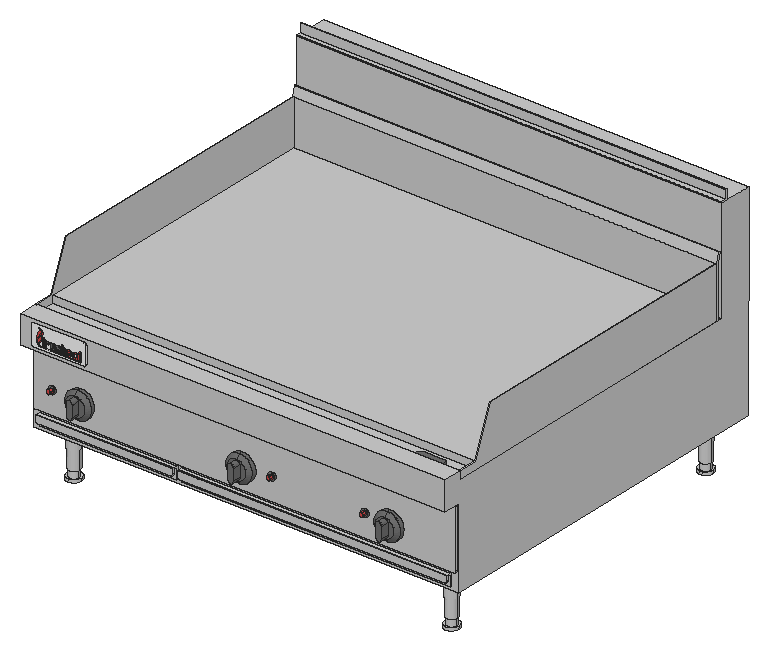
Revit family "QF_COMCATER ALL BRANDS_RCT9-9G", category Specialty Equipment, Revit 2014
Parameters (values of type "RCT9-9G_LPG")
  URL Cutsheet = ""
  URL = ""
  Type Comments = "The Australian owned and designed* Trueheat RC Series of Gas Cooking Equipment has been developed for the restaurant and cafe market with a high quality finish, designed to fulfill the busy demands within a commercial kitchen.\r\n15mm thick steel griddle plate with 16.5MJ/hr burner per 300mm section.\r\n100% Flame failure controls included as standard. Piezo ignition on concealed burners."
  Status [instance] = ""
  Specification by User [instance] = ""
  Specification by Manufacturer [instance] = ""
  Seismic Rating = ""
  SMACNA No = ""
  Revision Code [instance] = ""
  Nominal Gas power = 11800 W
  NAFEM Spec ID Number = ""
  Model = "RCT9-9G"
  Mechanical Connection Type [instance] = " "
  Masterspec = ""
  Manufacturer = "TRUEHEAT"
  Length Actual = 900 mm
  Item Number [instance] = ""
  Installed By [instance] = ""
  Identify Quantity as Lot [instance] = no
  Height Actual = 455 mm
  Gas power kW = 11.8
  Gas Size Flexible = 0 mm
  Gas Size = 19.05 mm
  Gas RI Height [instance] = 0 mm
  Gas Flow = 0.0 L/s
  Gas Connection Height [instance] = 121 mm
  Furnished By [instance] = ""
  Foodservice Equipment Identifier [instance] = yes
  Description = "GRIDDLE MODULAR TOP"
  Depth Actual = 803 mm
  CSI MasterFormat = ""
  BTUH = 11800 W
  Assembly Code = "E1090320"
  Accessory = no
Types (2): name
  RCT9-9G_Natural Gas
  RCT9-9G_LPG
Reference planes
  plane 1 "Center (Front/Back)": y = 0
  plane 2: z = 0
  plane 3 "Center (Left/Right)": x = 0
Forms (mm)
  Extrusion 1, solid
    sketch origin (96, 0, 121) x (1, 0, 0) y (0, 1, 0)
      loop
        line (0, 0) -> (2, 0) -> (2, 2) -> (0, 2) -> (0, 0)
    from 0 to 2
Dimensions and locks
  aligned and locked: level to plane 2
Nested families
  nested 1: "QF_COMCATER ALL BRANDS_RCT9-9G_Natural Gas" at (0, 0, 100), type "RCT9-9G_Natural Gas"
    with Show Logo yes, Show Clearance yes
  nested 2: "QF_COMCATER_B05002-900" at (0, 0, 0), type "B05002-900"
    with Show Logo yes, Show Clearance yes
Connectors
  piping at (97, 2, 122), diameter 19.05, driven by "Gas Size", driven by "Gas Flow"
    settings: on Extrusion 1, index 1, connector inside diameter 609.6 mm, connector length 0 mm, flow factor 0, pipe flow 0.0 L/s, pressure drop 0.0 Pa, fitting loss kfactor 0, connector angle 0.00°, fixture units 0, engagement length 0 mm, angle of deflection 0.00°, flow configuration 1, flow direction 1, fitting loss method 0, system type 22, joint type 0, gender type 0, connector reference index -1, connector utility 0, adjustable connector no, is connector primary yes, connector description "Gas connection for 'RCT9-9G'"
Definition of nested family "QF_COMCATER ALL BRANDS_RCT9-9G_Natural Gas"
  Parameters (values of type "RCT9-9G_Natural Gas")
    URL = "www.comcater.com.au"
    Show Logo [instance] = yes
    Show Clearance [instance] = yes
    Model = "RCT9-9G"
    Manufacturer = "TRUEHEAT"
    Description = "GRIDDLE MODULAR TOP"
    Assembly Code = "E1090320"
  Reference planes
    plane 1 "Back": y = 0
    plane 2: z = 0
    plane 3 "Left": x = 0
    plane 4 "Right": x = 900
    plane 5 "Front": y = -803
    plane 6 "Top": z = 455
  Forms (mm)
    Extrusion 1, solid
      sketch origin (0, 0, 2.5) x (0, 1, 0) y (0, 0, 1)
        loop
          line (0, 432.5) -> (-70, 432.5) -> (-70, 212.5) -> (-762.176, 212.5) -> (-762.176, 227.5) -> (-803, 227.5) -> (-803, 167.5) -> (-768, 167.5) -> (-768, -2.5) -> (0, -2.5) -> (0, 432.5)
      from 0 to 900
    Extrusion 2, solid
      sketch origin (0, 0, 2.5) x (0, 1, 0) y (0, 0, 1)
        loop
          line (-77.071, 341.25) -> (-82.176, 322.195) -> (-82.176, 212.5) -> (-80.176, 212.5) -> (-80.176, 321.931) -> (-75, 341.25) -> (-77.071, 341.25)
      from 0 to 900
    Extrusion 3, solid
      sketch origin (0, 0, 2.5) x (0, 1, 0) y (0, 0, 1)
        loop
          line (-82.176, 322.195) -> (-682.176, 322.195) -> (-722.176, 227.5) -> (-762.176, 227.5) -> (-762.176, 212.5) -> (-82.176, 212.5) -> (-82.176, 322.195)
      from 0 to 2
    Extrusion 4, solid
      sketch origin (898, 0, 2.5) x (0, 1, 0) y (0, 0, 1)
        loop
          line (-82.176, 322.195) -> (-682.176, 322.195) -> (-722.176, 227.5) -> (-762.176, 227.5) -> (-762.176, 212.5) -> (-82.176, 212.5) -> (-82.176, 322.195)
      from 0 to 2
    Extrusion 5, solid
      sketch origin (-4.5, -360, -12.5) x (1, 0, 0) y (0, 0, 1)
        loop
          line (6.5, 227.5) -> (902.5, 227.5) -> (902.5, 242.5) -> (6.5, 242.5) -> (6.5, 227.5)
      from -277.824 to 362.176
    Revolve 6, solid
      sketch origin (108.337, 8, -489.263) x (0, 1, 0) y (0, 0, 1)
        loop
          line (-786.003, 575.513) -> (-801, 575.513) -> (-801, 555.163) -> (-793.012, 547.176) -> (-786.003, 547.176) -> (-786.003, 575.513)
        axis (-786.003, 575.513) -> (-801, 575.513)
      angle from 0 to 360
    Extrusion 7, solid
      sketch origin (-264.343, -780, -1413.928) x (-0.707107, 0, -0.707107) y (-0.707107, 0, 0.707107)
        loop
          arc (-1328.297, 810.227) -> (-1337.277, 810.227) -> (-1337.277, 801.247) r 6.35
          line (-1337.277, 801.247) -> (-1320.325, 784.294)
          arc (-1320.325, 784.294) -> (-1311.344, 784.294) -> (-1311.344, 793.275) r 6.35
          line (-1311.344, 793.275) -> (-1328.297, 810.227)
      from -13 to -28
    Extrusion 8, solid
      sketch origin (0, -768, 2.5) x (1, 0, 0) y (0, 0, 1)
        loop
          line (2.5, 162.5) -> (2.5, 40)
          arc (2.5, 40) -> (3.964, 36.464) -> (7.5, 35) r 5
          line (7.5, 35) -> (892.5, 35)
          arc (892.5, 35) -> (896.036, 36.464) -> (897.5, 40) r 5
          line (897.5, 40) -> (897.5, 162.5)
          arc (897.5, 162.5) -> (896.036, 166.036) -> (892.5, 167.5) r 5
          line (892.5, 167.5) -> (7.5, 167.5)
          arc (7.5, 167.5) -> (3.964, 166.036) -> (2.5, 162.5) r 5
      from 0 to 3
    Extrusion 9, solid
      sketch origin (392.5, -778, 2.5) x (1, 0, 0) y (0, 0, 1)
        loop
          arc (-77.5, 20) -> (-76.036, 16.464) -> (-72.5, 15) r 5
          line (-72.5, 15) -> (487.5, 15)
          arc (487.5, 15) -> (491.036, 16.464) -> (492.5, 20) r 5
          line (492.5, 20) -> (492.5, 30) -> (-77.5, 30) -> (-77.5, 20)
      from 0 to 2
    Extrusion 10, solid
      sketch origin (392.5, -2, 2.5) x (0, 1, 0) y (0, 0, 1)
        loop
          line (-776, 30) -> (-776, 27.971) -> (-768.029, 27.971) -> (-768.029, 4.971) -> (-766, 4.971) -> (-766, 30) -> (-776, 30)
      from -77.5 to 492.5
    Extrusion 11, solid, visible <- "Show Logo"
      sketch origin (30, -802.5, 9.763) x (1, 0, 0) y (0, 0, 1)
        loop
          line (98.5, 191.841) -> (96.5, 191.841) -> (96.5, 189.798) -> (95.026, 189.798) -> (95.026, 187.798) -> (96.5, 187.798) -> (96.5, 175.237) -> (98.5, 175.237) -> (98.5, 187.798) -> (100, 187.798) -> (100, 189.798) -> (98.5, 189.798) -> (98.5, 191.841)
        loop
          line (94, 187.798) -> (92, 187.798) -> (92, 186.56)
          arc (92, 186.56) -> (81.976, 181.518) -> (92, 176.475) r 6.28
          line (92, 176.475) -> (92, 175.237) -> (94, 175.237) -> (94, 187.798)
        loop
          arc (92, 183.592) -> (83.976, 181.518) -> (92, 179.443) r 4.28
          line (92, 179.443) -> (92, 183.592)
        loop
          line (65.446, 184.298) -> (65.446, 175.237) -> (67.446, 175.237) -> (67.446, 184.729)
          arc (67.446, 184.729) -> (64.497, 187.542) -> (60.446, 187.101) r 4.833
          line (60.446, 187.101) -> (60.446, 191.841) -> (58.446, 191.841) -> (58.446, 175.237) -> (60.446, 175.237) -> (60.446, 184.298)
          arc (60.446, 184.298) -> (62.946, 185.798) -> (65.446, 184.298) r 2.833
        loop
          arc (80.998, 181.518) -> (69.107, 184.34) -> (78.461, 176.475) r 6.28
          line (78.461, 176.475) -> (77.269, 178.081)
          arc (77.269, 178.081) -> (72.794, 177.694) -> (70.437, 181.518) r 4.28
          line (70.437, 181.518) -> (80.998, 181.518)
        loop
          arc (78.502, 183.518) -> (74.717, 185.798) -> (70.933, 183.518) r 4.28
          line (70.933, 183.518) -> (78.502, 183.518)
      from 0 to 2
    Extrusion 12, solid, visible <- "Show Logo"
      sketch origin (14.146, -802.5, 9.763) x (1, 0, 0) y (0, 0, 1)
        loop
          arc (70.804, 183.518) -> (67.02, 185.798) -> (63.236, 183.518) r 4.28
          line (63.236, 183.518) -> (70.804, 183.518)
        loop
          arc (73.3, 181.518) -> (61.409, 184.34) -> (70.764, 176.475) r 6.28
          line (70.764, 176.475) -> (69.572, 178.081)
          arc (69.572, 178.081) -> (65.096, 177.694) -> (62.74, 181.518) r 4.28
          line (62.74, 181.518) -> (73.3, 181.518)
        loop
          line (34.617, 191.841) -> (34.617, 189.798) -> (33.143, 189.798) -> (33.143, 187.798) -> (34.617, 187.798) -> (34.617, 175.237) -> (36.617, 175.237) -> (36.617, 187.798) -> (38.117, 187.798) -> (38.117, 189.798) -> (36.617, 189.798) -> (36.617, 191.841) -> (34.617, 191.841)
        loop
          arc (57.696, 178.737) -> (55.196, 177.237) -> (52.696, 178.737) r 2.833
          line (52.696, 178.737) -> (52.696, 187.798) -> (50.696, 187.798) -> (50.696, 178.307)
          arc (50.696, 178.307) -> (55.196, 175.237) -> (59.696, 178.307) r 4.833
          line (59.696, 178.307) -> (59.696, 187.798) -> (57.696, 187.798) -> (57.696, 178.737)
        loop
          line (41.117, 186.56) -> (41.117, 187.798) -> (39.117, 187.798) -> (39.117, 175.237) -> (41.117, 175.237) -> (41.117, 183.592)
          arc (41.117, 183.592) -> (44.587, 185.789) -> (48.31, 184.053) r 4.28
          line (48.31, 184.053) -> (49.735, 185.478)
          arc (49.735, 185.478) -> (45.643, 187.749) -> (41.117, 186.56) r 6.28
      from 0 to 2
    Extrusion 13, solid, visible <- "Show Logo"
      sketch origin (0, -802.5, 7.5) x (1, 0, 0) y (0, 0, 1)
        loop
          line (130, 176.5) -> (40, 176.5) -> (40, 175.5) -> (130, 175.5) -> (130, 176.5)
        loop
          arc (40, 177.5) -> (40.603, 181.061) -> (42.43, 184.177) r 10.013
          arc (42.43, 184.177) -> (44.457, 187.03) -> (45.914, 190.212) r 18.627
          arc (45.914, 190.212) -> (46.43, 193.956) -> (45.458, 197.608) r 9.58
          arc (45.458, 197.608) -> (44.352, 194.23) -> (41.979, 191.583) r 8.629
          arc (41.979, 191.583) -> (38.017, 184.959) -> (40, 177.5) r 9.924
        loop
          arc (39.054, 199.801) -> (35.351, 191.043) -> (36.701, 181.631) r 17.746
          arc (36.701, 181.631) -> (36.715, 187.191) -> (39.483, 192.014) r 10.848
          arc (39.483, 192.014) -> (42.461, 196.051) -> (44.165, 200.77) r 17.413
          arc (44.165, 200.77) -> (46.042, 199.588) -> (47.328, 197.781) r 5.718
          arc (47.328, 197.781) -> (46.772, 205.563) -> (40.995, 210.808) r 10.489
          arc (40.995, 210.808) -> (41.42, 205.059) -> (39.054, 199.801) r 11.727
      from 0 to 2
    Extrusion 14, solid, visible <- "Show Logo"
      sketch origin (0, -802, 7.5) x (1, 0, 0) y (0, 0, 1)
        loop
          line (29.373, 170.5) -> (135, 170.5)
          arc (135, 170.5) -> (138.536, 171.964) -> (140, 175.5) r 5
          line (140, 175.5) -> (140, 210.808)
          arc (140, 210.808) -> (138.536, 214.344) -> (135, 215.808) r 5
          line (135, 215.808) -> (29.373, 215.808)
          arc (29.373, 215.808) -> (25.837, 214.344) -> (24.373, 210.808) r 5
          line (24.373, 210.808) -> (24.373, 175.5)
          arc (24.373, 175.5) -> (25.837, 171.964) -> (29.373, 170.5) r 5
      from 0 to 2
    Extrusion 15, solid
      sketch origin (422.5, 20, 215) x (1, 0, 0) y (0, 1, 0)
        loop
          arc (377.5, -752.176) -> (367.5, -762.176) -> (377.5, -772.176) r 10
          line (377.5, -772.176) -> (417.5, -772.176)
          arc (417.5, -772.176) -> (427.5, -762.176) -> (417.5, -752.176) r 10
          line (417.5, -752.176) -> (377.5, -752.176)
      from 0 to 2
    Revolve 16, solid
      sketch origin (450, 8, -489.263) x (0, 1, 0) y (0, 0, -1)
        loop
          line (-786.003, -575.513) -> (-786.003, -547.176) -> (-793.012, -547.176) -> (-801, -555.163) -> (-801, -575.513) -> (-786.003, -575.513)
        axis (-786.003, -575.513) -> (-801, -575.513)
      angle from 0 to 360
    Extrusion 17, solid
      sketch origin (822.681, -780, -1413.928) x (0.707107, 0, -0.707107) y (-0.707107, 0, -0.707107)
        loop
          line (-1328.297, -810.227) -> (-1311.344, -793.275)
          arc (-1311.344, -793.275) -> (-1311.344, -784.294) -> (-1320.325, -784.294) r 6.35
          line (-1320.325, -784.294) -> (-1337.277, -801.247)
          arc (-1337.277, -801.247) -> (-1337.277, -810.227) -> (-1328.297, -810.227) r 6.35
      from -13 to -28
    Extrusion 18, solid
      sketch origin (0, -5, -680) x (1, 0, 0) y (0, 0, 1)
        loop
          circle (108.338, 766.25) r 8
      from 766 to 773.003
    Extrusion 19, solid
      sketch origin (341.662, -5, -680) x (1, 0, 0) y (0, 0, 1)
        loop
          circle (108.338, 766.25) r 8
      from 766 to 773.003
    Extrusion 20, solid, visible <- "Show Clearance", detail levels coarse
      sketch origin (300, -2, -680) x (0, 1, 0) y (0, 0, 1)
        loop
          line (-768.029, 687.471) -> (-768.029, 712.5) -> (-1199, 712.5) -> (-1199, 687.471) -> (-768.029, 687.471)
      from 15 to 585
    Extrusion 21, solid
      sketch origin (0, -23, 0) x (0, 1, 0) y (0, 0, 1)
        loop
          line (-47, 435) -> (-35, 435) -> (-35, 455) -> (-37, 455) -> (-37, 437) -> (-47, 437) -> (-47, 435)
      from 0 to 900
    Extrusion 22, solid
      sketch origin (96, 10, -828) x (1, 0, 0) y (0, 0, 1)
        loop
          circle (0, 850) r 9.3
      from 0 to 10
    Extrusion 23, solid
      sketch origin (0, 0, 2.5) x (0, 1, 0) y (0, 0, 1)
        loop
          line (-82.176, 322.195) -> (-682.176, 322.195) -> (-722.176, 227.5) -> (-762.176, 227.5) -> (-762.176, 212.5) -> (-82.176, 212.5) -> (-82.176, 322.195)
      from 0 to 2
    Revolve 24, solid
      sketch origin (42.5, -8, -56.377) x (0, 1, 0) y (0, 0, 1)
        loop
          line (-763, 142.627) -> (-763, 150.127) -> (-765.011, 150.127) -> (-767, 146.627) -> (-767, 142.627) -> (-763, 142.627)
        axis (-767, 142.627) -> (-763, 142.627)
      angle from 0 to 360
    Extrusion 25, solid
      sketch origin (42.5, -8, -56.377) x (1, 0, 0) y (0, 0, 1)
        loop
          circle (0, 142.627) r 4
      from 772.997 to 767
    Revolve 26, solid
      sketch origin (508.325, -8, -56.377) x (0, 1, 0) y (0, 0, -1)
        loop
          line (-763, -142.627) -> (-767, -142.627) -> (-767, -146.627) -> (-765.011, -150.127) -> (-763, -150.127) -> (-763, -142.627)
        axis (-767, -142.627) -> (-763, -142.627)
      angle from 0 to 360
    Extrusion 27, solid
      sketch origin (508.325, -8, -56.377) x (-1, 0, 0) y (0, 0, -1)
        loop
          circle (0, -142.627) r 4
      from 772.997 to 767
    Extrusion 28, solid, visible <- "Show Clearance", detail levels coarse
      sketch origin (0, 0, 0) x (1, 0, 0) y (0, 1, 0)
        loop
          line (1050, 150) -> (-150, 150) -> (-150, -803) -> (0, -803) -> (0, 0) -> (900, 0) -> (900, -803) -> (1050, -803) -> (1050, 150)
      from 0 to 455
    Extrusion 29, solid
      sketch origin (-187.5, -778, 2.5) x (1, 0, 0) y (0, 0, 1)
        loop
          arc (202.5, 20) -> (203.964, 16.464) -> (207.5, 15) r 5
          line (207.5, 15) -> (487.5, 15)
          arc (487.5, 15) -> (491.036, 16.464) -> (492.5, 20) r 5
          line (492.5, 20) -> (492.5, 30) -> (202.5, 30) -> (202.5, 20)
      from 0 to 2
    Extrusion 30, solid
      sketch origin (-187.5, -2, 2.5) x (0, 1, 0) y (0, 0, 1)
        loop
          line (-776, 30) -> (-776, 27.971) -> (-768.029, 27.971) -> (-768.029, 4.971) -> (-766, 4.971) -> (-766, 30) -> (-776, 30)
      from 202.5 to 492.5
    Extrusion 31, solid, visible <- "Show Clearance", detail levels coarse
      sketch origin (-280, -2, -680) x (0, 1, 0) y (0, 0, 1)
        loop
          line (-768.029, 687.471) -> (-768.029, 712.5) -> (-1199, 712.5) -> (-1199, 687.471) -> (-768.029, 687.471)
      from 295 to 585
    Revolve 32, solid
      sketch origin (763.663, 8, -489.263) x (0, 1, 0) y (0, 0, 1)
        loop
          line (-786.003, 575.513) -> (-801, 575.513) -> (-801, 555.163) -> (-793.012, 547.176) -> (-786.003, 547.176) -> (-786.003, 575.513)
        axis (-786.003, 575.513) -> (-801, 575.513)
      angle from 0 to 360
    Extrusion 33, solid
      sketch origin (390.982, -780, -1413.928) x (-0.707107, 0, -0.707107) y (-0.707107, 0, 0.707107)
        loop
          arc (-1328.297, 810.227) -> (-1337.277, 810.227) -> (-1337.277, 801.247) r 6.35
          line (-1337.277, 801.247) -> (-1320.325, 784.294)
          arc (-1320.325, 784.294) -> (-1311.344, 784.294) -> (-1311.344, 793.275) r 6.35
          line (-1311.344, 793.275) -> (-1328.297, 810.227)
      from -13 to -28
    Extrusion 34, solid
      sketch origin (872, -5, -680) x (-1, 0, 0) y (0, 0, -1)
        loop
          circle (108.338, -766.25) r 8
      from 766 to 773.003
    Revolve 35, solid
      sketch origin (705.338, -8, -56.377) x (0, 1, 0) y (0, 0, 1)
        loop
          line (-763, 142.627) -> (-763, 150.127) -> (-765.011, 150.127) -> (-767, 146.627) -> (-767, 142.627) -> (-763, 142.627)
        axis (-767, 142.627) -> (-763, 142.627)
      angle from 0 to 360
    Extrusion 36, solid
      sketch origin (705.338, -8, -56.377) x (1, 0, 0) y (0, 0, 1)
        loop
          circle (0, 142.627) r 4
      from 772.997 to 767
  Lines and regions (mm)
    symbolic lines, style "200-EquipBorder-2D"
      curve 1: line (0, 0, 0) -> (900, 0, 0)
      curve 2: line (900, -803, 0) -> (0, -803, 0)
      curve 6: line (0, 0, 0) -> (0, -803, 0)
      curve 7: line (900, -803, 0) -> (900, 0, 0)
      curve 11: line (86.7, 10, 0) -> (105.3, 10, 0)
      curve 12: line (105.3, 10, 0) -> (105.3, 0, 0)
      curve 13: line (86.7, 10, 0) -> (86.7, 0, 0)
      curve 25: line (0, -70, 0) -> (900, -70, 0)
    symbolic lines, style "QF_Door-Drawer Clearances", visible <- "Show Clearance"
      curve 3: line (315, -1201, 0) -> (885, -1201, 0)
      curve 4: line (315, -1201, 0) -> (315, -803, 0)
      curve 5: line (885, -1201, 0) -> (885, -803, 0)
      curve 22: line (15, -1201, 0) -> (15, -803, 0)
      curve 23: line (305, -1201, 0) -> (305, -803, 0)
      curve 24: line (305, -1201, 0) -> (15, -1201, 0)
    symbolic lines, style "200-EquipInternal-2D"
      curve 8: line (2, -722.176, 0) -> (898, -722.176, 0)
      curve 9: line (900, -762.176, 0) -> (0, -762.176, 0)
      curve 10: line (2, -762.176, 0) -> (2, -82.176, 0)
      curve 14: line (898, -82.176, 0) -> (898, -762.176, 0)
      curve 18: line (800, -732.176, 0) -> (840, -732.176, 0)
      curve 19: line (840, -752.176, 0) -> (800, -752.176, 0)
      curve 20: arc (800, -732.176, 0) -> (790, -742.176, 0) -> (800, -752.176, 0) r 10
      curve 21: arc (840, -752.176, 0) -> (850, -742.176, 0) -> (840, -732.176, 0) r 10
      curve 26: line (0, -60, 0) -> (900, -60, 0)
      curve 27: line (900, -58, 0) -> (0, -58, 0)
      curve 28: line (900, -75, 0) -> (0, -75, 0)
      curve 29: line (2, -82.176, 0) -> (898, -82.176, 0)
    symbolic lines, style "QF_Clearances", visible <- "Show Clearance"
      curve 15: line (-150, 150, 0) -> (1050, 150, 0)
      curve 16: line (1050, 150, 0) -> (1050, -803, 0)
      curve 17: line (-150, 150, 0) -> (-150, -803, 0)
  Dimensions and locks
    plane 1 "Back" to plane 5 "Front" = 803 mm
    plane 6 "Top" to level = 455 mm  (x2)
    plane 3 "Left" to plane 4 "Right" = 900 mm
    plane 5 "Front" to plane 1 "Back" = 803 mm
    plane 4 "Right" to plane 3 "Left" = 900 mm
    aligned and locked: level to plane 2
  Connectors
    piping at (96, 10, 22), diameter 19
      settings: on Extrusion 22, index 1, connector inside diameter 609.6 mm, connector length 0 mm, flow factor 0, pipe flow 0.0 L/s, pressure drop 0.0 Pa, fitting loss kfactor 0, connector angle 0.00°, fixture units 0, engagement length 0 mm, angle of deflection 0.00°, flow configuration 1, flow direction 1, fitting loss method 0, system type 22, joint type 0, gender type 0, connector reference index -1, connector utility 0, adjustable connector no, is connector primary yes, connector description "Gas Inlet"
Definition of nested family "QF_COMCATER_B05002-900"
  Parameters (values of type "B05002-900")
    URL = ""
    Type Comments = ""
    Show Logo [instance] = yes
    Show Clearance [instance] = yes
    Model = "B05002"
    Manufacturer = "TRUEHEAT"
    Length Actual = 900 mm
    Height Actual = 100 mm
    Description = "ADJUSTABLE LEG FOR RCT COUNTERTOP MOUNTING 900MM"
    Depth Actual = 803 mm
    Assembly Code = "E1090320"
    Accessory = yes
  Reference planes
    plane 1 "Back": y = 0
    plane 2: z = 0
    plane 3 "Left": x = 0
    plane 4 "Right": x = 900
    plane 5 "Front": y = -803
    plane 6 "Top": z = 100
  Forms (mm)
    Revolve 1, solid
      sketch origin (0, -50, 0) x (1, 0, 0) y (0, 0, 1)
        loop
          line (50, 0) -> (65.5, 0) -> (65.5, 5) -> (60, 5) -> (60, 20) -> (62, 20) -> (63.5, 95) -> (65.5, 95) -> (65.5, 100) -> (50, 100) -> (50, 0)
        axis (50, 0) -> (50, 100)
      angle from 0 to 360
    Revolve 2, solid
      sketch origin (0, -723, 0) x (1, 0, 0) y (0, 0, -1)
        loop
          line (50, 0) -> (50, -100) -> (65.5, -100) -> (65.5, -95) -> (63.5, -95) -> (62, -20) -> (60, -20) -> (60, -5) -> (65.5, -5) -> (65.5, 0) -> (50, 0)
        axis (50, 0) -> (50, -100)
      angle from 0 to 360
    Revolve 3, solid
      sketch origin (900, -50, 0) x (-1, 0, 0) y (0, 0, -1)
        loop
          line (50, 0) -> (50, -100) -> (65.5, -100) -> (65.5, -95) -> (63.5, -95) -> (62, -20) -> (60, -20) -> (60, -5) -> (65.5, -5) -> (65.5, 0) -> (50, 0)
        axis (50, 0) -> (50, -100)
      angle from 0 to 360
    Revolve 4, solid
      sketch origin (900, -723, 0) x (-1, 0, 0) y (0, 0, 1)
        loop
          line (50, 0) -> (65.5, 0) -> (65.5, 5) -> (60, 5) -> (60, 20) -> (62, 20) -> (63.5, 95) -> (65.5, 95) -> (65.5, 100) -> (50, 100) -> (50, 0)
        axis (50, 0) -> (50, 100)
      angle from 0 to 360
  Dimensions and locks
    plane 3 "Left" to plane 4 "Right" = 900 mm
    plane 5 "Front" to plane 1 "Back" = 803 mm
    plane 6 "Top" to level = 100 mm
    aligned and locked: level to plane 2
